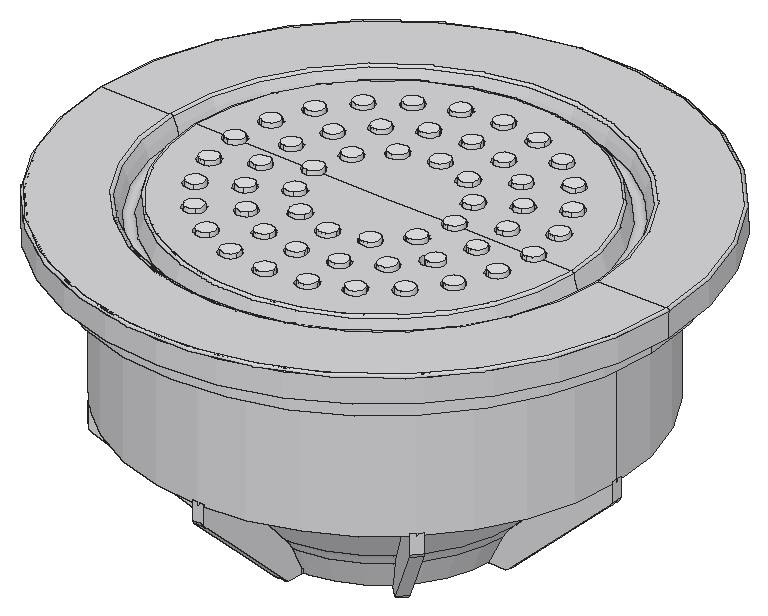
Revit family "Shower-Bodyspray-KOHLER-WaterTile-K-8014IN", category Plumbing Fixtures, host Face, Revit 2017 (continued)
Definition of nested family "K-8014IN"
  Lines and regions (in)
    symbolic lines, detail levels medium+fine
      curve 310: spline (0, -1.36586, 0.80277) -> (0, -1.36756, 0.80503) -> (0, -1.36922, 0.80736) -> (0, -1.37082, 0.80976) -> (0, -1.37238, 0.81223) -> (0, -1.37388, 0.81476) -> (0, -1.37533, 0.81735) -> (0, -1.37672, 0.82) -> (0, -1.37806, 0.82271) -> (0, -1.37934, 0.82547) -> (0, -1.38057, 0.82828) -> (0, -1.38173, 0.83115) -> (0, -1.38284, 0.83406)
      curve 311: spline (0, -1.45044, 0.83406) -> (0, -1.44933, 0.83115) -> (0, -1.44817, 0.82828) -> (0, -1.44695, 0.82547) -> (0, -1.44566, 0.82271) -> (0, -1.44433, 0.82) -> (0, -1.44293, 0.81735) -> (0, -1.44148, 0.81476) -> (0, -1.43998, 0.81223) -> (0, -1.43842, 0.80976) -> (0, -1.43682, 0.80736) -> (0, -1.43517, 0.80503) -> (0, -1.43346, 0.80277)
      curve 312: spline (0, -0.73469, 0) -> (0, -0.7375, 0.00174) -> (0, -0.74027, 0.0036) -> (0, -0.74301, 0.00556) -> (0, -0.74571, 0.00764) -> (0, -0.74836, 0.00982) -> (0, -0.75097, 0.01211) -> (0, -0.75353, 0.0145) -> (0, -0.75604, 0.017) -> (0, -0.7585, 0.01959) -> (0, -0.76091, 0.02228) -> (0, -0.76327, 0.02507) -> (0, -0.76556, 0.02795)
      curve 313: spline (0, -0.83316, 0.02795) -> (0, -0.83087, 0.02507) -> (0, -0.82851, 0.02228) -> (0, -0.82611, 0.01959) -> (0, -0.82364, 0.017) -> (0, -0.82113, 0.0145) -> (0, -0.81857, 0.01211) -> (0, -0.81596, 0.00982) -> (0, -0.81331, 0.00764) -> (0, -0.81061, 0.00556) -> (0, -0.80787, 0.0036) -> (0, -0.8051, 0.00174) -> (0, -0.80229, 0)
      curve 314: arc (0, 1.60675, 0.95114) -> (0, 1.39573, 0.61764) -> (0, 1.13103, 0.32492) r 2.31037
      curve 315: line (0, 1.05342, 0.22286) -> (0, 0.93754, 0)
      curve 316: arc (0, 1.13103, 0.32492) -> (0, 1.08786, 0.27721) -> (0, 1.05342, 0.22286) r 0.37763
      curve 317: arc (0, 1.68266, 0.99478) -> (0, 1.63831, 0.98409) -> (0, 1.60675, 0.95114) r 0.08107
      curve 318: arc (0, -1.60675, 0.95114) -> (0, -1.39573, 0.61764) -> (0, -1.13103, 0.32492) r 2.31037
      curve 319: line (0, -1.05342, 0.22286) -> (0, -0.93754, 0)
      curve 320: arc (0, -1.13103, 0.32492) -> (0, -1.08786, 0.27721) -> (0, -1.05342, 0.22286) r 0.37763
      curve 321: arc (0, -1.68266, 0.99478) -> (0, -1.63831, 0.98409) -> (0, -1.60675, 0.95114) r 0.08107
      curve 322: arc (0, 1.0998, 0.94991) -> (0, 0.95426, 0.61876) -> (0, 0.75474, 0.31705) r 2.12784
      curve 323: line (0, 0.725, 0.26504) -> (0, 0.62242, 0)
      curve 324: arc (0, 0.75474, 0.31705) -> (0, 0.73792, 0.29216) -> (0, 0.725, 0.26504) r 0.20038
      curve 325: arc (0, 1.14889, 0.99478) -> (0, 1.1186, 0.97863) -> (0, 1.0998, 0.94991) r 0.06919
      curve 326: arc (0, -1.0998, 0.94991) -> (0, -0.95426, 0.61876) -> (0, -0.75474, 0.31705) r 2.12784
      curve 327: line (0, -0.725, 0.26504) -> (0, -0.62242, 0)
      curve 328: arc (0, -0.75474, 0.31705) -> (0, -0.73792, 0.29216) -> (0, -0.725, 0.26504) r 0.20038
      curve 329: arc (0, -1.14889, 0.99478) -> (0, -1.1186, 0.97863) -> (0, -1.0998, 0.94991) r 0.06919
      curve 330: line (0, 1.03787, 0.29216) -> (0, 1.09984, 0.29216)
      curve 331: line (0, 0.73792, 0.29216) -> (0, 0.0478, 0.29216)
      curve 332: line (0, -1.03787, 0.29216) -> (0, -1.09984, 0.29216)
      curve 333: line (0, -0.0478, 0.29216) -> (0, -0.73792, 0.29216)
      curve 334: line (0, 1.36056, 2.46912) -> (0, -1.37579, 2.46912)
      curve 335: line (0, 1.31674, 2.5) -> (0, 1.31674, 2.46912)
      curve 336: line (0, 1.18824, 2.5) -> (0, 1.18824, 2.46912)
      curve 337: line (0, 1.03959, 2.5) -> (0, 1.03959, 2.46912)
      curve 338: line (0, 1.01827, 2.5) -> (0, 1.01827, 2.46912)
      curve 339: line (0, 0.98383, 2.5) -> (0, 0.98383, 2.46912)
      curve 340: line (0, 0.83519, 2.5) -> (0, 0.83519, 2.46912)
      curve 341: line (0, 0.81633, 2.5) -> (0, 0.81633, 2.46912)
      curve 342: line (0, 0.79699, 2.5) -> (0, 0.79699, 2.46912)
      curve 343: line (0, 0.71744, 2.5) -> (0, 0.71744, 2.46912)
      curve 344: line (0, 0.5688, 2.5) -> (0, 0.5688, 2.46912)
      curve 345: line (0, 0.54536, 2.5) -> (0, 0.54536, 2.46912)
      curve 346: line (0, 0.40723, 2.5) -> (0, 0.40723, 2.46912)
      curve 347: line (0, 0.25858, 2.5) -> (0, 0.25858, 2.46912)
      curve 348: line (0, 0.07432, 2.5) -> (0, 0.07432, 2.46912)
      curve 349: line (0, 0.09179, 2.5) -> (0, 0.09179, 2.46912)
      curve 350: line (0, 0.23669, 2.5) -> (0, 0.23669, 2.46912)
      curve 351: line (0, -0.07432, 2.5) -> (0, -0.07432, 2.46912)
      curve 352: line (0, -0.09179, 2.5) -> (0, -0.09179, 2.46912)
      curve 353: line (0, -0.23853, 2.5) -> (0, -0.23853, 2.46912)
      curve 354: line (0, -0.25858, 2.5) -> (0, -0.25858, 2.46912)
      curve 355: line (0, -0.40723, 2.5) -> (0, -0.40723, 2.46912)
      curve 356: line (0, -0.54536, 2.5) -> (0, -0.54536, 2.46912)
      curve 357: line (0, -0.5688, 2.5) -> (0, -0.5688, 2.46912)
      curve 358: line (0, -0.71744, 2.5) -> (0, -0.71744, 2.46912)
      curve 359: line (0, -0.79699, 2.5) -> (0, -0.79699, 2.46912)
      curve 360: line (0, -0.81633, 2.5) -> (0, -0.81633, 2.46912)
      curve 361: line (0, -0.83519, 2.5) -> (0, -0.83519, 2.46912)
      curve 362: line (0, -0.98383, 2.5) -> (0, -0.98383, 2.46912)
      curve 363: line (0, -1.01827, 2.5) -> (0, -1.01827, 2.46912)
      curve 364: line (0, -1.03959, 2.5) -> (0, -1.03959, 2.46912)
      curve 365: line (0, -1.18824, 2.5) -> (0, -1.18824, 2.46912)
      curve 366: line (0, -1.31674, 2.5) -> (0, -1.31674, 2.46912)
      curve 367: line (0, -1.45044, 0.99478) -> (0, -2.00343, 0.99478)
      curve 368: line (0, -0.0478, 0.99478) -> (0, -1.38284, 0.99478)
      curve 369: line (0, 1.38284, 0.99478) -> (0, 0.0478, 0.99478)
  Dimensions and locks (in)
    aligned and locked: plane 2 to level
Types (3): name | Type | Product Page URL | Model | Finish
  (no name) | 1 | "https://www.kohler.co.in/product-detail/8014in?skuid=K-8014IN-CP" | "K-8014IN-CP" | Kohler-Metal-CP-Polished_Chrome
  CP-Polished Chrome | 1 | "https://www.kohler.co.in/product-detail/8014in?skuid=K-8014IN-CP" | "K-8014IN-CP" | Kohler-Metal-CP-Polished_Chrome
  AF-Flange Gold | 2 | "https://www.kohler.co.in/product-detail/8014in?skuid=K-8014IN-AF" | "K-8014IN-AF" | Kohler-Metal-AF-Vibrant_French_Gold
